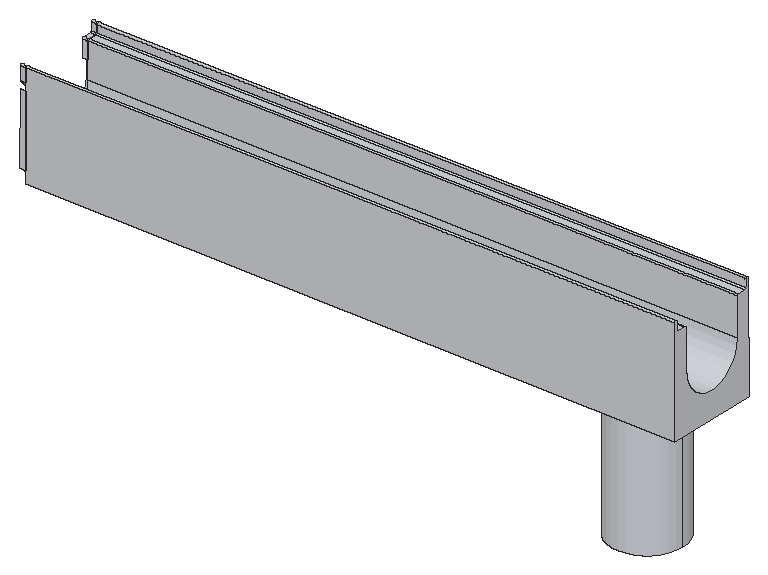
Revit family "T1503-PB-13", category Plumbing Fixtures, Revit 2026
Family settings
  Round Connector Dimension = Use Diameter
  Part Type = Normal
  Classification Number = 23.45.00.00
  Work Plane-Based = No
  Enable Cutting in Views = No
  Always vertical = Yes
  Cut with Voids When Loaded = No
  Maintain Annotation Orientation = No
  Shared = No
  Room Calculation Point = No
Parameters
  Pitch [instance] = 0.005
  Length = 39.40"  # constant formula
  Invert Body Depth 2 [instance] = Length * Pitch + Invert Body Depth 1  # 4.927"
  Invert Body Depth 1 [instance] = 4.73"
  Drain Wall Thickness = 0.15"
  Drain Outer Width = 5.50"
  Drain Inner Width = 3.90"
  Drain Base Thickness = 1.57"
  Default Elevation = 0.00"
Reference planes (in)
  plane 1 "Center (Front/Back)": y = 0
  plane 2: z = 0
  plane 3 "Center (Left/Right)": x = 0
  plane 4: y = 0
  plane 5: y = 5.5
  plane 6: z = -0.6
  plane 7: y = 0.15
  plane 8: y = 5.35
  plane 9: z = -0.6
  plane 10: z = 0
  plane 11: x = 39.4
  plane 12: y = 4.6
  plane 13: y = 0.8
  plane 14: y = 4.7
  plane 15: z = -5.91
  plane 16: y = 0
  plane 17: y = 5.5
  plane 18: z = -0.6
  plane 19: y = 0.15
  plane 20: y = 5.35
  plane 21: z = -0.6
  plane 22: y = 0.8
  plane 23: y = 4.7
  plane 24: z = -5.91
  plane 25: x = 35.5
  plane 26: x = 33.35
  plane 27: x = 37.65
  plane 28: y = 2.75
  plane 29: z = -14
Forms (in)
  SweptBlend 1, solid
    path origin (0, 0, 0) x (1, 0, 0) y (0, 1, 0)
      loop
        line (0.31631, 0) -> (39.4, 0)
    profile origin (0.31631, 0, 0) x (0, 1, 0) y (0, 0, 1)
      loop
        line (0, -6.3) -> (5.5, -6.3) -> (5.5, -0.075)
        arc (5.5, -0.075) -> (5.425, 0) -> (5.35, -0.075) r 0.075
        line (5.35, -0.075) -> (5.35, -0.52334)
        arc (5.35, -0.52334) -> (5.32755, -0.57755) -> (5.27334, -0.6) r 0.07666
        line (5.27334, -0.6) -> (4.78185, -0.6)
        arc (4.78185, -0.6) -> (4.72397, -0.62397) -> (4.7, -0.68185) r 0.08185
        line (4.7, -0.68185) -> (4.7, -2.78)
        arc (4.7, -2.78) -> (2.75, -4.73) -> (0.8, -2.78) r 1.95
        line (0.8, -2.78) -> (0.8, -0.68185)
        arc (0.8, -0.68185) -> (0.77603, -0.62397) -> (0.71815, -0.6) r 0.08185
        line (0.71815, -0.6) -> (0.22666, -0.6)
        arc (0.22666, -0.6) -> (0.17245, -0.57755) -> (0.15, -0.52334) r 0.07666
        line (0.15, -0.52334) -> (0.15, -0.075)
        arc (0.15, -0.075) -> (0.075, 0) -> (0, -0.075) r 0.075
        line (0, -0.075) -> (0, -6.3)
    end profile origin (39.4, 0, 0) x (0, 1, 0) y (0, 0, 1)
      loop
        line (0, -6.497) -> (5.5, -6.497) -> (5.5, -0.075)
        arc (5.5, -0.075) -> (5.425, 0) -> (5.35, -0.075) r 0.075
        line (5.35, -0.075) -> (5.35, -0.52334)
        arc (5.35, -0.52334) -> (5.32755, -0.57755) -> (5.27334, -0.6) r 0.07666
        line (5.27334, -0.6) -> (4.78185, -0.6)
        arc (4.78185, -0.6) -> (4.72397, -0.62397) -> (4.7, -0.68185) r 0.08185
        line (4.7, -0.68185) -> (4.7, -2.977)
        arc (4.7, -2.977) -> (2.75, -4.927) -> (0.8, -2.977) r 1.95
        line (0.8, -2.977) -> (0.8, -0.68185)
        arc (0.8, -0.68185) -> (0.77603, -0.62397) -> (0.71815, -0.6) r 0.08185
        line (0.71815, -0.6) -> (0.22666, -0.6)
        arc (0.22666, -0.6) -> (0.17245, -0.57755) -> (0.15, -0.52334) r 0.07666
        line (0.15, -0.52334) -> (0.15, -0.075)
        arc (0.15, -0.075) -> (0.075, 0) -> (0, -0.075) r 0.075
        line (0, -0.075) -> (0, -6.497)
  Extrusion 2, void
    sketch origin (0, 0, 0) x (0, 1, 0) y (0, 0, 1)
      loop
        line (0.8, -2.78) -> (0.8, -1.69375) -> (0, -0.89375) -> (0, -1.31801) -> (0.5, -1.81801) -> (0.5, -2.78)
        arc (0.5, -2.78) -> (2.75, -5.03) -> (5, -2.78) r 2.25
        line (5, -2.78) -> (5, -1.81801) -> (5.5, -1.31801) -> (5.5, -0.89375) -> (4.7, -1.69375) -> (4.7, -2.78)
        arc (4.7, -2.78) -> (2.75, -4.73) -> (0.8, -2.78) r 1.95
      loop
        line (0, -5.85) -> (0.15, -6) -> (0.15, -6.3) -> (0.50707, -6.3) -> (0.50707, -6.11279) -> (0.20977, -5.59786) -> (0, -5.59786) -> (0, -5.85)
      loop
        line (5.5, -5.85) -> (5.5, -5.59786) -> (5.29023, -5.59786) -> (4.99293, -6.11279) -> (4.99293, -6.3) -> (5.35, -6.3) -> (5.35, -6) -> (5.5, -5.85)
    from 0 to 0.31631
  Extrusion 3, solid
    sketch origin (0, 0, 0) x (0, 1, 0) y (0, 0, 1)
      loop
        line (0, -0.075) -> (0, -5.85) -> (0.15, -6) -> (0.15, -6.3) -> (5.35, -6.3) -> (5.35, -6) -> (5.5, -5.85) -> (5.5, -0.075)
        arc (5.5, -0.075) -> (5.425, 0) -> (5.35, -0.075) r 0.075
        line (5.35, -0.075) -> (5.35, -0.52334)
        arc (5.35, -0.52334) -> (5.32755, -0.57755) -> (5.27334, -0.6) r 0.07666
        line (5.27334, -0.6) -> (4.78185, -0.6)
        arc (4.78185, -0.6) -> (4.72397, -0.62397) -> (4.7, -0.68185) r 0.08185
        line (4.7, -0.68185) -> (4.7, -2.78)
        arc (4.7, -2.78) -> (2.75, -4.73) -> (0.8, -2.78) r 1.95
        line (0.8, -2.78) -> (0.8, -0.68185)
        arc (0.8, -0.68185) -> (0.77603, -0.62397) -> (0.71815, -0.6) r 0.08185
        line (0.71815, -0.6) -> (0.22666, -0.6)
        arc (0.22666, -0.6) -> (0.17245, -0.57755) -> (0.15, -0.52334) r 0.07666
        line (0.15, -0.52334) -> (0.15, -0.075)
        arc (0.15, -0.075) -> (0.075, 0) -> (0, -0.075) r 0.075
    from 0 to 0.31631
  Extrusion 4, solid
    sketch origin (1.2, -1.85, -0.65358) x (1, 0, 0) y (0, 1, 0)
      loop
        circle (34.3, 4.6) r 2.15
      loop
        circle (34.3, 4.6) r 1.85
    from -13.34642 to -4.94642
Cuts and joins
  Extrusion 2 cuts Extrusion 3
Dimensions and locks (in)
  "Length": SweptBlend 1 to plane 3 "Center (Left/Right)"
  "Drain Wall Thickness": plane 4 to plane 7
  "Drain Wall Thickness": SweptBlend 1 sketch curve to plane 5
  "Drain Inner Width": SweptBlend 1 sketch curve to SweptBlend 1 sketch curve  (x2)
  "Invert Body Depth 1": profile plane to SweptBlend 1 sketch curve
  "Drain Base Thickness": SweptBlend 1 sketch curve to SweptBlend 1 sketch curve  (x2)
  "Drain Wall Thickness": plane 16 to plane 19
  "Drain Wall Thickness": SweptBlend 1 sketch curve to plane 17
  "Invert Body Depth 2": profile plane to SweptBlend 1 sketch curve
  aligned and locked: level to plane 2
  aligned and locked: plane 4 to profile plane
  aligned and locked: plane 6 to SweptBlend 1 sketch curve
  aligned and locked: plane 7 to SweptBlend 1 sketch curve
  aligned and locked: plane 9 to SweptBlend 1 sketch curve
  aligned and locked: Extrusion 2 to plane 3 "Center (Left/Right)"
  aligned and locked: plane 14 to SweptBlend 1 sketch curve
Automatic sketch dimensions
  plane 1 "Center (Front/Back)" to SweptBlend 1 sketch curve = 0.00"
  SweptBlend 1 sketch curve to plane 11 = 0.00"
  plane 3 "Center (Left/Right)" to SweptBlend 1 sketch curve = 0.31631"
  Extrusion 4 sketch curve to Extrusion 4 sketch curve = 0.00"  (x2)
  Extrusion 4 sketch curve to plane 25 = 0.00"
  Extrusion 4 sketch curve to plane 28 = 0.00"
  Extrusion 2 sketch curve to plane 1 "Center (Front/Back)" = 0.00"  (x2)
  Extrusion 2 sketch curve to plane 1 "Center (Front/Back)" = 0.15"
  Extrusion 2 sketch curve to Extrusion 2 sketch curve = 0.20977"  (x2)
  Extrusion 2 sketch curve to Extrusion 2 sketch curve = 0.35707"  (x2)
  Extrusion 2 sketch curve to plane 12 = 0.39293"
  Extrusion 2 sketch curve to Extrusion 2 sketch curve = 0.29729"
  Extrusion 2 sketch curve to plane 12 = 0.90"
  Extrusion 2 sketch curve to Extrusion 2 sketch curve = 0.18721"  (x2)
  Extrusion 2 sketch curve to Extrusion 2 sketch curve = 0.30"  (x3)
  Extrusion 2 sketch curve to Extrusion 2 sketch curve = 0.15"  (x2)
  Extrusion 2 sketch curve to Extrusion 2 sketch curve = 0.25214"  (x2)
  Extrusion 2 sketch curve to Extrusion 2 sketch curve = 0.96199"  (x2)
  Extrusion 2 sketch curve to Extrusion 2 sketch curve = 0.12426"  (x2)
  Extrusion 2 sketch curve to Extrusion 2 sketch curve = 0.50"  (x2)
  Extrusion 2 sketch curve to Extrusion 2 sketch curve = 0.42426"  (x2)
  Extrusion 2 sketch curve to plane 12 = 0.10"
  Extrusion 2 sketch curve to level = 2.78"
  Extrusion 2 sketch curve to Extrusion 2 sketch curve = 0.00"  (x2)
  Extrusion 2 sketch curve to plane 28 = 0.00"
  Extrusion 3 sketch curve to plane 1 "Center (Front/Back)" = 0.00"
  Extrusion 3 sketch curve to Extrusion 3 sketch curve = 0.075"  (x2)
  Extrusion 3 sketch curve to plane 1 "Center (Front/Back)" = 0.15"
  Extrusion 3 sketch curve to Extrusion 3 sketch curve = 0.07666"  (x2)
  Extrusion 3 sketch curve to plane 12 = 0.10"
  Extrusion 3 sketch curve to Extrusion 3 sketch curve = 0.08185"  (x2)
  Extrusion 3 sketch curve to Extrusion 3 sketch curve = 0.49149"
  Extrusion 3 sketch curve to plane 12 = 0.75"
  Extrusion 3 sketch curve to level = 0.075"  (x2)
  Extrusion 3 sketch curve to level = 0.52334"
  Extrusion 3 sketch curve to Extrusion 3 sketch curve = 0.44834"
  Extrusion 3 sketch curve to Extrusion 3 sketch curve = 0.15"  (x2)
  Extrusion 3 sketch curve to Extrusion 3 sketch curve = 0.30"
  Extrusion 2 sketch curve to Extrusion 2 sketch curve = 2.81786"  (x2)
  Extrusion 3 sketch curve to Extrusion 3 sketch curve = 3.07"
  Extrusion 3 sketch curve to Extrusion 3 sketch curve = 5.16815"
  Extrusion 3 sketch curve to Extrusion 3 sketch curve = 2.09815"
  Extrusion 3 sketch curve to plane 28 = 0.00"
  SweptBlend 1 sketch curve to profile plane = 0.00"  (x2)
  SweptBlend 1 sketch curve to plane 5 = 0.00"
  plane 6 to SweptBlend 1 sketch curve = 0.07666"
  plane 13 to SweptBlend 1 sketch curve = 0.08185"
  SweptBlend 1 sketch curve to plane 6 = 0.08185"
  SweptBlend 1 sketch curve to plane 8 = 0.07666"
  SweptBlend 1 sketch curve to level = 0.075"  (x4)
  SweptBlend 1 sketch curve to plane 19 = 0.00"
  SweptBlend 1 sketch curve to plane 18 = 0.00"
  SweptBlend 1 sketch curve to plane 22 = 0.00"
  plane 18 to SweptBlend 1 sketch curve = 0.00"
  SweptBlend 1 sketch curve to plane 17 = 0.00"
  plane 18 to SweptBlend 1 sketch curve = 0.07666"
  plane 22 to SweptBlend 1 sketch curve = 0.08185"
  SweptBlend 1 sketch curve to plane 18 = 0.08185"
  SweptBlend 1 sketch curve to plane 20 = 0.07666"
  radius of Extrusion 4 sketch curve = 2.15"
  radius of Extrusion 4 sketch curve = 1.85"
